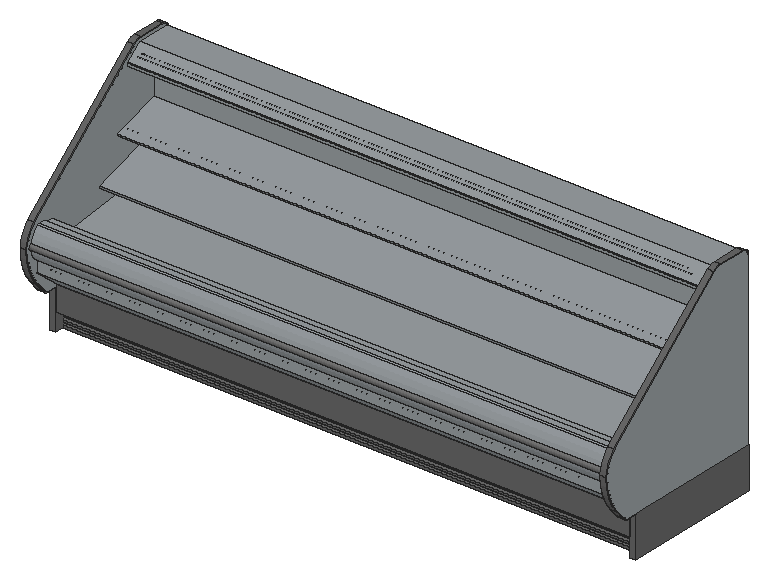
Revit family "O3UM-NRG", category Mechanical Equipment, Revit 2019
Family settings
  Round Connector Dimension = Use Radius
  Part Type = Normal
  OmniClass Number = 23.40.40.11.17
  OmniClass Title = Refrigerated Cases
  Work Plane-Based = Yes
  Always vertical = Yes
  Cut with Voids When Loaded = No
  Shared = No
  Room Calculation Point = No
Parameters (values of type "12'")
  Width = 43 1/4"  # constant formula
  URL = "http://www.hillphoenix.com/?s=o3um"
  TOP REFRIGERATION PIPING = yes
  TOP ELECTRICAL = yes
  Standard Power Watts = 11.9 W
  Standard Power Amps = 0.1 A
  Shelf distance = 48"
  Refgn = 28 5/8"
  RT STD END [instance] = yes
  RIGHT WEDGE OS 90 END [instance] = no
  RIGHT WEDGE OS 90 [instance] = no
  REFRIGERATION PIPING = COPPER PIPE
  RUBBER BUMPER [instance] = BLACK
  REAR REFRIGERATION PIPING = yes
  PAINTED METAL UPPER SHELF = PAINTED SHELVES
  PAINTED METAL INTERIOR [instance] = GALVANIZED STEEL
  PAINTED METAL EXTERIOR [instance] = CHARCOAL BROWN
  Number of Shelf = 3
  Model = "O3UM-NRG"  # constant formula
  Manufacturer = "HILL PHOENIX"  # constant formula
  Lights Per Row = 0
  Light Length = ""
  Length = 144"
  Legend Number = Model  # "O3UM-NRG"
  LF STD END [instance] = yes
  LEFT WEDGE OS 90 END [instance] = no
  LEFT WEDGE OS 90 [instance] = no
  Keynote = ""  # constant formula
  Item Description = Description  # "Multi-Deck Merchandiser with Synerg-E™"
  Island Timed-Off Termination Temp (°F) = 42 °F  # constant formula
  Island Timed-Off Fail-Safe (Min) = "30 (Min)"  # constant formula
  Island Superheat @ Bulb Set Point (°F) = "6-8 °F"  # constant formula
  Island High Efficiency Fans Watts = 11 W
  Island High Efficiency Fans Amps = 0.16 A
  Island Front Sill Height = "All"
  Island Fans Per Case = 1
  Island Evaporator (°F) = 28 °F
  Island Discharge Air(°F) = 31 °F
  Island Discharge Air Velocity (FPM) = 180 FPM  # constant formula
  Island BTUH Parallel = 810
  Island BTUH Conventional = 926
  Island Application = "Dairy / Deli / Produce"
  Island  Case Length = 96"
  How Many Defrosts Per Day = 6  # constant formula
  High Power (Cornice) Watts = 21.5 W
  High Power (Cornice) Amps = 0.18 A
  Height = 48"  # constant formula
  GLASS = Glass
  Ends = yes
  EQUIPMENT MARK = Legend Number  # "O3UM-NRG"
  EQUIPMENT DESCRIPTION = Item Description  # "Multi-Deck Merchandiser with Synerg-E™"
  Description = "Multi-Deck Merchandiser with Synerg-E™"  # constant formula
  Default Elevation = 48"
  DRAIN PIPING = yes
  DESIGNERS NAME = "SHIDDRAMESH"  # constant formula
  DATE = "03/30/2016"  # constant formula
  Certifications = "NSF 7, UL471, CSA"  # constant formula
  DRAIN LINE = 72"
  MAIN CASE [instance] = yes
  BOTTOM REFRIGERATION PIPING = yes
  BOTTOM ELECTRICAL = yes
  BASE [instance] = BLACK PAINTED METAL
  Assembly Code = ""
  18" Shelf = yes
  12" Shelf = yes
Reference planes (in)
  plane 1: z = 0.01963
  plane 2 "LEFT": x = 0
  plane 3 "CASE RIGHT": x = 144
  plane 4: z = 0
  plane 5: y = -15.80744
  plane 6: z = 48
  plane 7: x = 145.5
  plane 8: x = 142.25
  plane 9: y = -59.05744
  plane 10: y = -7.64728
  plane 11: z = 22.875
  plane 12: z = 46.99677
  plane 13: through (-240, -28.18244, 50.1732) normal (0, 0.7071, 0.7071)
  plane 14: y = -24.36994
Forms (in)
  Extrusion 1, solid, material "BLACK PAINTED METAL" <- "BASE", visible <- "MAIN CASE"
    sketch origin (0, -0.02734, -0.00391) x (0, 1, 0) y (0, 0, 1)
      loop
        line (-15.80744, 0) -> (-15.80744, 11.00391) -> (-47.5301, 11.00391) -> (-47.5301, 0) -> (-45.69085, 0) -> (-45.69085, 2.94807) -> (-17.58744, 2.94807) -> (-17.58744, 0) -> (-15.80744, 0)
    from 0 to 144
  Extrusion 2, solid, material "CHARCOAL BROWN" <- "PAINTED METAL EXTERIOR", visible <- "MAIN CASE"
    sketch origin (0, 0, 5.875) x (0, 1, 0) y (0, 0, 1)
      loop
        line (-17.80744, 46.29713) -> (-17.80744, 13.8096)
        arc (-17.80744, 13.8096) -> (-19.66972, 9.97927) -> (-23.598, 8.33364) r 6.03269
        line (-23.598, 8.33364) -> (-41.10205, 7.70434) -> (-43.19307, 6.18536) -> (-45.82363, 6.18536) -> (-48.10885, 7.45214)
        arc (-48.10885, 7.45214) -> (-52.38279, 9.03493) -> (-54.31151, 13.16433) r 6
        line (-54.31151, 13.16433) -> (-54.31151, 15.37312) -> (-56.31972, 15.37312) -> (-56.31972, 10.07189) -> (-50.42424, 5.125) -> (-15.80744, 5.125) -> (-15.80744, 46.29713) -> (-17.80744, 46.29713)
    from 0 to 144
  Extrusion 3, solid, material "GALVANIZED STEEL" <- "PAINTED METAL INTERIOR", visible <- "MAIN CASE"
    sketch origin (0, 0, 5.875) x (0, 1, 0) y (0, 0, 1)
      loop
        arc (-19.82193, 18.53519) -> (-19.97069, 18.17606) -> (-20.32982, 18.0273) r 0.50789
        line (-20.32982, 18.0273) -> (-23.58275, 17.79983) -> (-23.59709, 18.00487) -> (-50.89707, 14.73431) -> (-51.11131, 14.65787) -> (-52.07193, 14.65787) -> (-52.07193, 20.48987) -> (-54.31151, 20.48987) -> (-54.31151, 13.16433)
        arc (-54.31151, 13.16433) -> (-52.37575, 9.02845) -> (-48.08972, 7.45284) r 6
        line (-48.08972, 7.45284) -> (-45.80324, 6.18536) -> (-43.17269, 6.18536) -> (-41.08167, 7.70434) -> (-23.59774, 8.33365)
        arc (-23.59774, 8.33365) -> (-19.66963, 9.97936) -> (-17.80744, 13.8096) r 6.03269
        line (-17.80744, 13.8096) -> (-17.80744, 16.37177) -> (-19.82193, 16.37177) -> (-19.82193, 18.53519)
    from 0 to 144
  Extrusion 4, solid, material "GALVANIZED STEEL" <- "PAINTED METAL INTERIOR", visible <- "MAIN CASE"
    sketch origin (0, 0, 5.875) x (0, 1, 0) y (0, 0, 1)
      loop
        line (-17.80744, 45.00917) -> (-19.82193, 45.00917) -> (-19.82193, 16.37177) -> (-17.80744, 16.37177) -> (-17.80744, 45.00917)
    from 0 to 144
  Extrusion 5, solid, material "CHARCOAL BROWN" <- "PAINTED METAL EXTERIOR", visible <- "MAIN CASE"
    sketch origin (96, 0, 5.875) x (1, 0, 0) y (0, 1, 0)
      loop
        line (46.25, -15.80744) -> (46.25, -12.80744) -> (34.2573, -12.80744) -> (34.2573, -15.80744) -> (34.41414, -15.80744) -> (34.41414, -12.93244) -> (46.0073, -12.93244) -> (46.0073, -15.80744) -> (46.25, -15.80744)
    from 7.2158 to 43.67007
  Extrusion 6, solid, material "BLACK PAINTED METAL" <- "BASE", visible <- "MAIN CASE"
    sketch origin (0, -10.38723, -0.05412) x (0, 1, 0) y (0, 0, 1)
      loop
        line (-37.17021, 0.05412) -> (-37.17021, 11.05412) -> (-40.03701, 11.05412) -> (-40.03701, 4.6362) -> (-37.68074, 4.6362)
        arc (-37.68074, 4.6362) -> (-37.83221, 4.53751) -> (-38.0108, 4.50939) r 0.43232
        line (-38.0108, 4.50939) -> (-38.0108, 4.00939) -> (-37.9323, 4.00939) -> (-37.51351, 4.08936) -> (-37.65088, 3.65476)
        arc (-37.65088, 3.65476) -> (-37.78692, 3.42905) -> (-38.0108, 3.29) r 0.56287
        line (-38.0108, 3.29) -> (-38.0108, 2.79) -> (-37.9323, 2.79) -> (-37.51351, 2.87496) -> (-37.65088, 2.43538)
        arc (-37.65088, 2.43538) -> (-37.78661, 2.20936) -> (-38.0108, 2.07063) r 0.55931
        line (-38.0108, 2.07063) -> (-38.0108, 1.57063) -> (-37.9323, 1.57063) -> (-37.51351, 1.65558) -> (-37.58561, 1.20836)
        arc (-37.58561, 1.20836) -> (-37.71367, 1.00832) -> (-37.92021, 0.89104) r 0.49462
        line (-37.92021, 0.89104) -> (-37.92021, 0.05412) -> (-37.17021, 0.05412)
    from 0 to 144
  Extrusion 7, solid, material "CHARCOAL BROWN" <- "PAINTED METAL EXTERIOR", visible <- "MAIN CASE"
    sketch origin (0, -14.13723, 5.69588) x (0, 1, 0) y (0, 0, 1)
      loop
        line (-40.17428, 15.55224) -> (-40.17428, 20.66898) -> (-40.08842, 20.66898) -> (-40.08842, 21.30412) -> (-41.88342, 21.30412)
        arc (-41.88342, 21.30412) -> (-42.11934, 21.24969) -> (-42.32244, 21.1179) r 0.69761
        arc (-42.32244, 21.1179) -> (-43.67325, 19.42434) -> (-44.44614, 17.4006) r 7.05071
        arc (-44.44614, 17.4006) -> (-44.16727, 15.47655) -> (-43.17985, 13.80182) r 5.032
        line (-43.17985, 13.80182) -> (-42.18248, 13.80182) -> (-42.18248, 15.55224) -> (-40.17428, 15.55224)
    from 0 to 144
  Extrusion 8, solid, material "BLACK" <- "RUBBER BUMPER", visible <- "MAIN CASE"
    sketch origin (0, -14.13723, 5.82088) x (0, 1, 0) y (0, 0, 1)
      loop
        arc (-44.3284, 17.7465) -> (-44.92949, 17.09539) -> (-44.41103, 16.37675) r 0.70013
        arc (-44.41103, 16.37675) -> (-44.44871, 16.82539) -> (-44.44614, 17.2756) r 5.032
        arc (-44.44614, 17.2756) -> (-44.39132, 17.51207) -> (-44.3284, 17.7465) r 7.05071
    from 0 to 144
  Extrusion 9, solid, material "GALVANIZED STEEL" <- "PAINTED METAL INTERIOR", visible <- "MAIN CASE"
    sketch origin (0, 0, 21.22288) x (0, 1, 0) y (0, 0, 1)
      loop
        line (-19.82193, 11.03015) -> (-37.03542, 5.76746) -> (-36.87169, 5.23193) -> (-30.92951, 7.04863) -> (-30.83385, 6.93623) -> (-23.44344, 8.22012)
        arc (-23.44344, 8.22012) -> (-22.75154, 8.24304) -> (-22.07989, 8.07532) r 2.5
        line (-22.07989, 8.07532) -> (-21.24148, 7.73695)
        arc (-21.24148, 7.73695) -> (-20.90216, 7.66489) -> (-20.55864, 7.71308) r 1
        line (-20.55864, 7.71308) -> (-19.82193, 7.95208) -> (-19.82193, 11.03015)
    from 0 to 144
  Extrusion 10, solid, material "GALVANIZED STEEL" <- "PAINTED METAL INTERIOR", visible <- "MAIN CASE"
    sketch origin (0, 0, 4.875) x (0, 1, 0) y (0, 0, 1)
      loop
        line (-19.82193, 31.84444) -> (-19.82193, 34.92348) -> (-31.29759, 31.41502) -> (-31.13386, 30.87949) -> (-28.91038, 31.55928) -> (-28.81473, 31.44688) -> (-23.39078, 32.12956)
        arc (-23.39078, 32.12956) -> (-22.69889, 32.15247) -> (-22.02724, 31.98476) r 2.5
        line (-22.02724, 31.98476) -> (-21.18883, 31.64639)
        arc (-21.18883, 31.64639) -> (-20.84951, 31.57432) -> (-20.50599, 31.62252) r 1
        line (-20.50599, 31.62252) -> (-19.82193, 31.84444)
    from 0 to 144
  Extrusion 11, solid, visible <- "MAIN CASE"
    sketch origin (0, -9.0638, 9.86783) x (0, 1, 0) y (0, 0, 1)
      loop
        circle (-14.04788, 41.33455) r 0.5625
      loop
        circle (-15.51988, 41.33455) r 0.5625
    from 0 to 144
  Extrusion 12, solid, material "GALVANIZED STEEL" <- "PAINTED METAL INTERIOR", visible <- "MAIN CASE"
    sketch origin (0, -5.33418, 8.4978) x (0, 1, 0) y (0, 0, 1)
      loop
        line (-15.1421, 42.53616) -> (-16.03819, 42.41717)
        arc (-16.03819, 42.41717) -> (-16.05872, 42.40528) -> (-16.06484, 42.38236) r 0.031
        line (-16.06484, 42.38236) -> (-16.02437, 42.07759) -> (-15.55467, 38.73549) -> (-15.51552, 38.45693) -> (-14.58714, 38.5874) -> (-15.1421, 42.53616)
    from 0 to 144
  Extrusion 13, solid, material "CHARCOAL BROWN" <- "PAINTED METAL EXTERIOR", visible <- "MAIN CASE"
    sketch origin (0, -0.0013, 6.05463) x (0, 1, 0) y (0, 0, 1)
      loop
        line (-15.80744, 46.1175) -> (-15.80744, 47.94537) -> (-24.36994, 47.94537) -> (-28.15779, 44.88679) -> (-28.18114, 44.83782) -> (-28.18114, 44.11857) -> (-27.5874, 44.11857) -> (-27.5874, 44.19463) -> (-27.13478, 44.19463) -> (-27.09675, 44.20822) -> (-25.33935, 45.64822) -> (-25.31738, 45.69463) -> (-25.31738, 46.13263) -> (-25.28438, 46.16563) -> (-21.0809, 46.16563) -> (-20.13326, 45.03628) -> (-19.94451, 45.09458) -> (-19.86265, 44.82954) -> (-17.80614, 44.82954) -> (-17.80614, 46.1175) -> (-15.80744, 46.1175)
    from 0 to 144
  Extrusion 14, solid, material "CHARCOAL BROWN" <- "PAINTED METAL EXTERIOR", visible <- "RT STD END"
    sketch origin (115, 0, 5.875) x (0, 1, 0) y (0, 0, 1)
      loop
        arc (-54.30554, 5.30373) -> (-53.53283, 4.71081) -> (-52.58194, 4.5) r 2.25
        line (-52.58194, 4.5) -> (-15.43244, 4.5) -> (-15.43244, 47.1826)
        arc (-15.43244, 47.1826) -> (-15.87178, 48.24326) -> (-16.93244, 48.6826) r 1.5
        line (-16.93244, 48.6826) -> (-23.8417, 48.6826)
        arc (-23.8417, 48.6826) -> (-24.86679, 48.50203) -> (-25.76848, 47.98206) r 3
        line (-25.76848, 47.98206) -> (-57.08746, 21.73907)
        arc (-57.08746, 21.73907) -> (-58.83611, 19.48909) -> (-59.50048, 16.71803) r 6.75
        arc (-59.50048, 16.71803) -> (-58.74122, 11.9391) -> (-56.34554, 7.73491) r 13.5
        line (-56.34554, 7.73491) -> (-54.30554, 5.30373)
    from 30.5 to 29
  Extrusion 15, solid, material "BLACK PAINTED METAL" <- "BASE", visible <- "RT STD END"
    sketch origin (115, 0, 5.875) x (0, 1, 0) y (0, 0, 1)
      loop
        line (-54.28551, 5.31147) -> (-56.34554, 7.73491)
        arc (-56.34554, 7.73491) -> (-58.74122, 11.9391) -> (-59.50048, 16.71803) r 13.5
        arc (-59.50048, 16.71803) -> (-58.83611, 19.48909) -> (-57.08746, 21.73907) r 6.75
        line (-57.08746, 21.73907) -> (-25.76848, 47.98206)
        arc (-25.76848, 47.98206) -> (-24.86679, 48.50203) -> (-23.8417, 48.6826) r 3
        line (-23.8417, 48.6826) -> (-16.93244, 48.6826)
        arc (-16.93244, 48.6826) -> (-15.87178, 48.24326) -> (-15.43244, 47.1826) r 1.5
        line (-15.43244, 47.1826) -> (-15.43244, 4.5) -> (-15.18244, 4.5) -> (-15.18244, 47.1826)
        arc (-15.18244, 47.1826) -> (-15.695, 48.42004) -> (-16.93244, 48.9326) r 1.75
        line (-16.93244, 48.9326) -> (-23.8417, 48.9326)
        arc (-23.8417, 48.9326) -> (-24.95221, 48.73698) -> (-25.92904, 48.17368) r 3.25
        line (-25.92904, 48.17368) -> (-57.24803, 21.93069)
        arc (-57.24803, 21.93069) -> (-59.06144, 19.59738) -> (-59.75042, 16.72368) r 7
        arc (-59.75042, 16.72368) -> (-58.9771, 11.85626) -> (-56.53705, 7.57421) r 13.75
        line (-56.53705, 7.57421) -> (-54.47484, 5.1512)
        arc (-54.47484, 5.1512) -> (-53.61222, 4.48599) -> (-52.54892, 4.24937) r 2.50738
        line (-52.54892, 4.24937) -> (-50.42239, 4.24937) -> (-50.42239, 4.50019) -> (-52.5527, 4.50019)
        arc (-52.5527, 4.50019) -> (-53.50936, 4.71305) -> (-54.28551, 5.31147) r 2.25619
    from 30.5 to 29
  Extrusion 16, solid, material "BLACK PAINTED METAL" <- "BASE", visible <- "RT STD END"
    sketch origin (115, 0, 0) x (0, 1, 0) y (0, 0, 1)
      loop
        line (-50.42424, 10.375) -> (-50.42424, 0) -> (-15.18244, 0) -> (-15.18244, 10.375) -> (-50.42424, 10.375)
    from 30.5 to 29
  Extrusion 17, solid, visible <- "MAIN CASE"
    sketch origin (0, 0, 5.875) x (0, 1, 0) y (0, 0, 1)
      loop
        line (-19.87444, 44.91816) -> (-20.25663, 44.80012) -> (-20.36557, 45.15282)
        arc (-20.36557, 45.15282) -> (-20.39137, 45.18674) -> (-20.43297, 45.19599) r 0.062
        line (-20.43297, 45.19599) -> (-21.37645, 45.0707)
        arc (-21.37645, 45.0707) -> (-21.41752, 45.04693) -> (-21.42975, 45.00108) r 0.062
        line (-21.42975, 45.00108) -> (-21.38947, 44.69774) -> (-21.35874, 44.70183) -> (-21.39902, 45.00516)
        arc (-21.39902, 45.00516) -> (-21.3929, 45.02809) -> (-21.37237, 45.03997) r 0.031
        line (-21.37237, 45.03997) -> (-20.47628, 45.15896) -> (-19.92132, 41.2102) -> (-20.8497, 41.07973) -> (-20.88884, 41.35829) -> (-20.91974, 41.35395) -> (-20.88491, 41.10608)
        arc (-20.88491, 41.10608) -> (-20.862, 41.06604) -> (-20.8178, 41.05279) r 0.0622
        line (-20.8178, 41.05279) -> (-19.82193, 41.19266) -> (-19.82193, 44.88417) -> (-19.86394, 44.88417) -> (-19.87444, 44.91816)
    from 0 to 144
  Extrusion 18, solid, material "CHARCOAL BROWN" <- "PAINTED METAL EXTERIOR", visible <- "LF STD END"
    sketch origin (17.5, 0, 5.875) x (0, 1, 0) y (0, 0, 1)
      loop
        arc (-54.30554, 5.30373) -> (-53.53283, 4.71081) -> (-52.58194, 4.5) r 2.25
        line (-52.58194, 4.5) -> (-15.43244, 4.5) -> (-15.43244, 47.1826)
        arc (-15.43244, 47.1826) -> (-15.87178, 48.24326) -> (-16.93244, 48.6826) r 1.5
        line (-16.93244, 48.6826) -> (-23.8417, 48.6826)
        arc (-23.8417, 48.6826) -> (-24.86679, 48.50203) -> (-25.76848, 47.98206) r 3
        line (-25.76848, 47.98206) -> (-57.08746, 21.73907)
        arc (-57.08746, 21.73907) -> (-58.83611, 19.48909) -> (-59.50048, 16.71803) r 6.75
        arc (-59.50048, 16.71803) -> (-58.74122, 11.9391) -> (-56.34554, 7.73491) r 13.5
        line (-56.34554, 7.73491) -> (-54.30554, 5.30373)
    from -17.5 to -19
  Extrusion 19, solid, material "BLACK PAINTED METAL" <- "BASE", visible <- "LF STD END"
    sketch origin (17.5, 0, 5.875) x (0, 1, 0) y (0, 0, 1)
      loop
        line (-54.30554, 5.30373) -> (-56.34554, 7.73491)
        arc (-56.34554, 7.73491) -> (-58.74122, 11.9391) -> (-59.50048, 16.71803) r 13.5
        arc (-59.50048, 16.71803) -> (-58.83611, 19.48909) -> (-57.08746, 21.73907) r 6.75
        line (-57.08746, 21.73907) -> (-25.76848, 47.98206)
        arc (-25.76848, 47.98206) -> (-24.86679, 48.50203) -> (-23.8417, 48.6826) r 3
        line (-23.8417, 48.6826) -> (-16.93244, 48.6826)
        arc (-16.93244, 48.6826) -> (-15.87178, 48.24326) -> (-15.43244, 47.1826) r 1.5
        line (-15.43244, 47.1826) -> (-15.43244, 4.5) -> (-15.18244, 4.5) -> (-15.18244, 47.1826)
        arc (-15.18244, 47.1826) -> (-15.695, 48.42004) -> (-16.93244, 48.9326) r 1.75
        line (-16.93244, 48.9326) -> (-23.8417, 48.9326)
        arc (-23.8417, 48.9326) -> (-24.95221, 48.73698) -> (-25.92904, 48.17368) r 3.25
        line (-25.92904, 48.17368) -> (-57.24803, 21.93069)
        arc (-57.24803, 21.93069) -> (-59.06144, 19.59738) -> (-59.75042, 16.72368) r 7
        arc (-59.75042, 16.72368) -> (-58.9771, 11.85626) -> (-56.53705, 7.57421) r 13.75
        line (-56.53705, 7.57421) -> (-54.49705, 5.14303)
        arc (-54.49705, 5.14303) -> (-53.63848, 4.48423) -> (-52.58194, 4.25) r 2.5
        line (-52.58194, 4.25) -> (-50.42424, 4.25) -> (-50.42424, 4.5) -> (-52.58194, 4.5)
        arc (-52.58194, 4.5) -> (-53.53283, 4.71081) -> (-54.30554, 5.30373) r 2.25
    from -17.5 to -19
  Extrusion 20, solid, material "BLACK PAINTED METAL" <- "BASE", visible <- "LF STD END"
    sketch origin (17.5, 0, 0) x (0, 1, 0) y (0, 0, 1)
      loop
        line (-50.42424, 10.375) -> (-50.42424, 0) -> (-15.18244, 0) -> (-15.18244, 10.375) -> (-50.42424, 10.375)
    from -17.5 to -19
  Revolve 21, solid, material "BLACK PAINTED METAL" <- "BASE", visible <- "RIGHT WEDGE OS 90", not visible
    sketch origin (72, 0, 0) x (0, 1, 0) y (0, 0, -1)
      loop
        line (-17.61478, -2.94417) -> (-45.71818, -2.94417) -> (-45.71818, 0.00391) -> (-47.66303, 0.00391) -> (-47.66303, -11) -> (-15.83478, -11) -> (-15.83478, 0.00391) -> (-17.61478, 0.00391) -> (-17.61478, -2.94417)
      axis (-7.64728, 0.00391) -> (-7.64728, -11)
    angle from 0 to 90
  Revolve 22, solid, material "BLACK PAINTED METAL" <- "BASE", visible <- "RIGHT WEDGE OS 90", not visible
    sketch origin (72, 0, 0) x (0, 1, 0) y (0, 0, -1)
      loop
        arc (-48.57424, -0.78364) -> (-48.24208, -0.88192) -> (-48.03811, -1.16189) r 0.5396
        line (-48.03811, -1.16189) -> (-47.90074, -1.60146) -> (-48.31953, -1.51651) -> (-48.39803, -1.51651) -> (-48.39803, -2.01651)
        arc (-48.39803, -2.01651) -> (-48.17384, -2.15524) -> (-48.03811, -2.38126) r 0.55931
        line (-48.03811, -2.38126) -> (-47.90074, -2.82084) -> (-48.31953, -2.73589) -> (-48.39803, -2.73589) -> (-48.39803, -3.23589)
        arc (-48.39803, -3.23589) -> (-48.17415, -3.37493) -> (-48.03811, -3.60064) r 0.56287
        line (-48.03811, -3.60064) -> (-47.90074, -4.03524) -> (-48.31953, -3.95527) -> (-48.39803, -3.95527) -> (-48.39803, -4.45527)
        arc (-48.39803, -4.45527) -> (-48.21944, -4.48339) -> (-48.06797, -4.58208) r 0.43232
        line (-48.06797, -4.58208) -> (-50.42424, -4.58208) -> (-50.42424, -11) -> (-47.66303, -11) -> (-47.66303, 0) -> (-48.57424, 0) -> (-48.57424, -0.78364)
      axis (-7.64728, 0) -> (-7.64728, -11)
    angle from 0 to 90
  Revolve 23, solid, material "CHARCOAL BROWN" <- "PAINTED METAL EXTERIOR", visible <- "RIGHT WEDGE OS 90", not visible
    sketch origin (72, 0, 0) x (0, 1, 0) y (0, 0, -1)
      loop
        line (-56.31972, -15.94689) -> (-56.31972, -21.24812) -> (-54.31151, -21.24812) -> (-54.31151, -19.03933)
        arc (-54.31151, -19.03933) -> (-52.37575, -14.90345) -> (-48.08972, -13.32784) r 6
        line (-48.08972, -13.32784) -> (-45.80324, -12.06036) -> (-43.17269, -12.06036) -> (-41.08167, -13.57934) -> (-23.59774, -14.20865)
        arc (-23.59774, -14.20865) -> (-19.66963, -15.85436) -> (-17.80744, -19.6846) r 6.03269
        line (-17.80744, -19.6846) -> (-17.80744, -22.24677) -> (-17.80744, -50.88417) -> (-17.80744, -52.17213) -> (-15.83478, -52.17213) -> (-15.83478, -11) -> (-50.42424, -11) -> (-56.31972, -15.94689)
      axis (-7.64728, -11) -> (-7.64728, -52.17213)
    angle from 0 to 90
  Revolve 24, solid, material "CHARCOAL BROWN" <- "PAINTED METAL EXTERIOR", visible <- "RIGHT WEDGE OS 90", not visible
    sketch origin (72, 0, 0) x (0, 1, 0) y (0, 0, -1)
      loop
        arc (-57.31708, -19.4977) -> (-58.3045, -21.17244) -> (-58.58337, -23.09649) r 5.032
        arc (-58.58337, -23.09649) -> (-57.81048, -25.12022) -> (-56.45967, -26.81378) r 7.05071
        arc (-56.45967, -26.81378) -> (-56.25657, -26.94557) -> (-56.02065, -27) r 0.69761
        line (-56.02065, -27) -> (-54.22565, -27) -> (-54.22565, -26.36487) -> (-54.31151, -26.36487) -> (-54.31151, -21.24812) -> (-56.31972, -21.24812) -> (-56.31972, -19.4977) -> (-57.31708, -19.4977)
      axis (-7.64728, -19.4977) -> (-7.64728, -27)
    angle from 0 to 90
  Revolve 25, solid, material "BLACK" <- "RUBBER BUMPER", visible <- "RIGHT WEDGE OS 90", not visible
    sketch origin (72, 0, 0) x (0, 1, 0) y (0, 0, -1)
      loop
        arc (-58.46563, -23.56738) -> (-58.52855, -23.33295) -> (-58.58337, -23.09649) r 7.05071
        arc (-58.58337, -23.09649) -> (-58.58594, -22.64627) -> (-58.54826, -22.19763) r 5.032
        arc (-58.54826, -22.19763) -> (-59.06672, -22.91628) -> (-58.46563, -23.56738) r 0.70013
      axis (-7.64728, -22.19763) -> (-7.64728, -23.56738)
    angle from 0 to 90
  Revolve 26, solid, material "GALVANIZED STEEL" <- "PAINTED METAL INTERIOR", visible <- "RIGHT WEDGE OS 90", not visible
    sketch origin (72, 0, 0) x (0, 1, 0) y (0, 0, -1)
      loop
        line (-19.82193, -50.88417) -> (-17.80744, -50.88417) -> (-17.80744, -22.24677) -> (-19.82193, -22.24677) -> (-19.82193, -50.88417)
      axis (-7.64728, -22.24677) -> (-7.64728, -50.88417)
    angle from 0 to 90
  Revolve 27, solid, material "GALVANIZED STEEL" <- "PAINTED METAL INTERIOR", visible <- "RIGHT WEDGE OS 90", not visible
    sketch origin (72, 0, 0) x (0, 1, 0) y (0, 0, -1)
      loop
        arc (-20.55864, -28.93596) -> (-20.90216, -28.88777) -> (-21.24148, -28.95984) r 1
        line (-21.24148, -28.95984) -> (-22.07989, -29.29821)
        arc (-22.07989, -29.29821) -> (-22.75154, -29.46592) -> (-23.44344, -29.44301) r 2.5
        line (-23.44344, -29.44301) -> (-30.83385, -28.15912) -> (-30.92951, -28.27152) -> (-36.87169, -26.45481) -> (-37.03542, -26.99034) -> (-19.82193, -32.25303) -> (-19.82193, -29.17497) -> (-20.55864, -28.93596)
      loop
        arc (-20.50599, -36.49752) -> (-20.84951, -36.44932) -> (-21.18883, -36.52139) r 1
        line (-21.18883, -36.52139) -> (-22.02724, -36.85976)
        arc (-22.02724, -36.85976) -> (-22.69889, -37.02747) -> (-23.39078, -37.00456) r 2.5
        line (-23.39078, -37.00456) -> (-28.81473, -36.32188) -> (-28.91038, -36.43428) -> (-31.13386, -35.75449) -> (-31.29759, -36.29002) -> (-19.82193, -39.79848) -> (-19.82193, -36.71944) -> (-20.50599, -36.49752)
      axis (-7.64728, -26.45481) -> (-7.64728, -39.79848)
    angle from 0 to 90
  Revolve 28, solid, visible <- "RIGHT WEDGE OS 90", not visible
    sketch origin (72, 0, 0) x (0, 1, 0) y (0, 0, -1)
      loop
        line (-19.82193, -50.75917) -> (-19.82193, -47.06766) -> (-20.8178, -46.92779)
        arc (-20.8178, -46.92779) -> (-20.862, -46.94104) -> (-20.88491, -46.98108) r 0.0622
        line (-20.88491, -46.98108) -> (-20.91974, -47.22895) -> (-20.88884, -47.23329) -> (-20.8497, -46.95473) -> (-19.92132, -47.0852) -> (-20.47628, -51.03396) -> (-21.37237, -50.91497)
        arc (-21.37237, -50.91497) -> (-21.3929, -50.90309) -> (-21.39902, -50.88016) r 0.031
        line (-21.39902, -50.88016) -> (-21.35874, -50.57683) -> (-21.38947, -50.57274) -> (-21.42975, -50.87608)
        arc (-21.42975, -50.87608) -> (-21.41752, -50.92193) -> (-21.37645, -50.9457) r 0.062
        line (-21.37645, -50.9457) -> (-20.43297, -51.07099)
        arc (-20.43297, -51.07099) -> (-20.39137, -51.06174) -> (-20.36557, -51.02782) r 0.062
        line (-20.36557, -51.02782) -> (-20.25663, -50.67512) -> (-19.87444, -50.79316) -> (-19.86394, -50.75917) -> (-19.82193, -50.75917)
      axis (-7.64728, -46.92779) -> (-7.64728, -51.07099)
    angle from 0 to 90
  Revolve 29, solid, visible <- "RIGHT WEDGE OS 90", not visible
    sketch origin (72, 0, 0) x (0, 1, 0) y (0, 0, -1)
      loop
        line (-21.35855, -50.5754) -> (-21.39902, -50.88016)
        arc (-21.39902, -50.88016) -> (-21.3929, -50.90309) -> (-21.37237, -50.91497) r 0.031
        line (-21.37237, -50.91497) -> (-20.47628, -51.03396) -> (-19.92132, -47.0852) -> (-20.8497, -46.95473) -> (-20.88884, -47.23329) -> (-21.35855, -50.5754)
      axis (-7.64728, -46.95473) -> (-7.64728, -51.03396)
    angle from 0 to 90
  Revolve 30, solid, material "CHARCOAL BROWN" <- "PAINTED METAL EXTERIOR", visible <- "RIGHT WEDGE OS 90", not visible
    sketch origin (72, 0, 0) x (0, 1, 0) y (0, 0, -1)
      loop
        line (-15.80874, -52.17213) -> (-17.80744, -52.17213) -> (-17.80744, -50.88417) -> (-19.86394, -50.88417) -> (-19.9458, -51.14921) -> (-20.13456, -51.0909) -> (-21.0822, -52.22026) -> (-25.28568, -52.22026) -> (-25.31868, -52.18726) -> (-25.31868, -51.74926) -> (-25.34065, -51.70285) -> (-27.09805, -50.26285) -> (-27.13607, -50.24926) -> (-27.5887, -50.24926) -> (-27.5887, -50.1732) -> (-28.18244, -50.1732) -> (-28.18244, -50.9225) -> (-24.38205, -54) -> (-15.80874, -54) -> (-15.80874, -52.17213)
      axis (-7.64728, -50.1732) -> (-7.64728, -54)
    angle from 0 to 90
  Revolve 31, solid, visible <- "RIGHT WEDGE OS 90", not visible
    sketch origin (72, 0, 0) x (0, 1, 0) y (0, 0, -1)
      loop
        circle (-24.58368, -51.20238) r 0.5625
      loop
        circle (-23.11168, -51.20238) r 0.5625
      axis (-7.64728, -51.20238) -> (-7.64728, -51.24175)
    angle from 0 to 90
  Extrusion 32, solid, material "CHARCOAL BROWN" <- "PAINTED METAL EXTERIOR", visible <- "RIGHT WEDGE OS 90 END", not visible
    sketch origin (64.14409, -25.14728, 5.875) x (-1, 0, 0) y (0, 0, -1)
      loop
        line (-54.30554, -5.30373) -> (-56.34554, -7.73491)
        arc (-56.34554, -7.73491) -> (-58.74122, -11.9391) -> (-59.50048, -16.71803) r 13.5
        arc (-59.50048, -16.71803) -> (-58.83611, -19.48909) -> (-57.08746, -21.73907) r 6.75
        line (-57.08746, -21.73907) -> (-25.76848, -47.98206)
        arc (-25.76848, -47.98206) -> (-24.86679, -48.50203) -> (-23.8417, -48.6826) r 3
        line (-23.8417, -48.6826) -> (-16.93244, -48.6826)
        arc (-16.93244, -48.6826) -> (-15.87178, -48.24326) -> (-15.43244, -47.1826) r 1.5
        line (-15.43244, -47.1826) -> (-15.43244, -4.5) -> (-52.58194, -4.5)
        arc (-52.58194, -4.5) -> (-53.53283, -4.71081) -> (-54.30554, -5.30373) r 2.25
    from -17.5 to -19
  Extrusion 33, solid, material "BLACK PAINTED METAL" <- "BASE", visible <- "RIGHT WEDGE OS 90 END", not visible
    sketch origin (64.14409, -25.14728, 5.875) x (-1, 0, 0) y (0, 0, -1)
      loop
        arc (-54.30554, -5.30373) -> (-53.53283, -4.71081) -> (-52.58194, -4.5) r 2.25
        line (-52.58194, -4.5) -> (-50.42424, -4.5) -> (-50.42424, -4.25) -> (-52.58194, -4.25)
        arc (-52.58194, -4.25) -> (-53.63848, -4.48423) -> (-54.49705, -5.14303) r 2.5
        line (-54.49705, -5.14303) -> (-56.53705, -7.57421)
        arc (-56.53705, -7.57421) -> (-58.9771, -11.85626) -> (-59.75042, -16.72368) r 13.75
        arc (-59.75042, -16.72368) -> (-59.06144, -19.59738) -> (-57.24803, -21.93069) r 7
        line (-57.24803, -21.93069) -> (-25.92904, -48.17368)
        arc (-25.92904, -48.17368) -> (-24.95221, -48.73698) -> (-23.8417, -48.9326) r 3.25
        line (-23.8417, -48.9326) -> (-16.93244, -48.9326)
        arc (-16.93244, -48.9326) -> (-15.695, -48.42004) -> (-15.18244, -47.1826) r 1.75
        line (-15.18244, -47.1826) -> (-15.18244, -4.5) -> (-15.43244, -4.5) -> (-15.43244, -47.1826)
        arc (-15.43244, -47.1826) -> (-15.87178, -48.24326) -> (-16.93244, -48.6826) r 1.5
        line (-16.93244, -48.6826) -> (-23.8417, -48.6826)
        arc (-23.8417, -48.6826) -> (-24.86679, -48.50203) -> (-25.76848, -47.98206) r 3
        line (-25.76848, -47.98206) -> (-57.08746, -21.73907)
        arc (-57.08746, -21.73907) -> (-58.83611, -19.48909) -> (-59.50048, -16.71803) r 6.75
        arc (-59.50048, -16.71803) -> (-58.74122, -11.9391) -> (-56.34554, -7.73491) r 13.5
        line (-56.34554, -7.73491) -> (-54.30554, -5.30373)
    from -17.5 to -19
  Extrusion 34, solid, material "BLACK PAINTED METAL" <- "BASE", visible <- "RIGHT WEDGE OS 90 END", not visible
    sketch origin (64.14409, -25.14728, 0) x (-1, 0, 0) y (0, 0, -1)
      loop
        line (-50.42424, -10.375) -> (-15.18244, -10.375) -> (-15.18244, 0) -> (-50.42424, 0) -> (-50.42424, -10.375)
    from -17.5 to -19
  Revolve 35, solid, visible <- "RIGHT WEDGE OS 90", not visible
    sketch origin (72, 0, 0) x (0, 1, 0) y (0, 0, -1)
      loop
        line (-23.59709, -23.87987) -> (-23.58275, -23.67483) -> (-20.32982, -23.9023)
        arc (-20.32982, -23.9023) -> (-19.97069, -24.05106) -> (-19.82193, -24.41019) r 0.50789
        line (-19.82193, -24.41019) -> (-19.82193, -22.24677) -> (-17.80744, -22.24677) -> (-17.80744, -19.6846)
        arc (-17.80744, -19.6846) -> (-19.66963, -15.85436) -> (-23.59774, -14.20865) r 6.03269
        line (-23.59774, -14.20865) -> (-41.08167, -13.57934) -> (-43.17269, -12.06036) -> (-45.80324, -12.06036) -> (-48.08972, -13.32784)
        arc (-48.08972, -13.32784) -> (-52.37575, -14.90345) -> (-54.31151, -19.03933) r 6
        line (-54.31151, -19.03933) -> (-54.31151, -26.36487) -> (-52.07193, -26.36487) -> (-52.07193, -20.53287) -> (-51.11131, -20.53287) -> (-50.89707, -20.60931) -> (-23.59709, -23.87987)
      axis (-7.64728, -12.06036) -> (-7.64728, -26.36487)
    angle from 0 to 90
  Extrusion 36, solid, material "CHARCOAL BROWN" <- "PAINTED METAL EXTERIOR", visible <- "MAIN CASE", not visible
    sketch origin (0, 0, 5.875) x (1, 0, 0) y (0, 1, 0)
      loop
        line (46.25, -15.80744) -> (46.25, -12.80744) -> (34.2573, -12.80744) -> (34.2573, -15.80744) -> (34.41414, -15.80744) -> (34.41414, -12.93244) -> (46.0073, -12.93244) -> (46.0073, -15.80744) -> (46.25, -15.80744)
    from 7.2158 to 43.67007
Dimensions and locks (in)
  "Length": plane 2 "LEFT" to plane 3 "CASE RIGHT"
  Extrusion 13 to level = 54"
  locked: plane 3 "CASE RIGHT" to plane 7 at 1.5
  "Width": plane 5 to plane 9
  Extrusion 20 to Extrusion 7 = 27"
  locked: plane 8 to plane 3 "CASE RIGHT" at 1.75
  plane 11 to level = 22 7/8"
  Extrusion 20 to Extrusion 2 = 11"
  Extrusion 4 to plane 12 = 24 3/4"
  Extrusion 4 to Extrusion 3 = 32 1/4"
  Extrusion 10 to Extrusion 10 = 12"
  Extrusion 9 to Extrusion 9 = 18"
  plane 13 to Extrusion 3 = 33.72746"
  plane 5 to plane 14 = 8 9/16"
  Extrusion 1 to Extrusion 6 = 32 121/256"
  Extrusion 1 to Extrusion 6 = 31 185/256"
  aligned and locked: plane 3 "CASE RIGHT" to Extrusion 4
  aligned and locked: plane 3 "CASE RIGHT" to Extrusion 3
  aligned and locked: Extrusion 2 to plane 3 "CASE RIGHT"
  aligned and locked: plane 3 "CASE RIGHT" to Extrusion 1
  aligned and locked: Extrusion 8 to Extrusion 6
  aligned and locked: Extrusion 7 to Extrusion 6
  aligned and locked: Extrusion 7 to plane 3 "CASE RIGHT"
  aligned and locked: plane 3 "CASE RIGHT" to Extrusion 9
  aligned and locked: plane 3 "CASE RIGHT" to Extrusion 10
  aligned and locked: plane 3 "CASE RIGHT" to Extrusion 13
  aligned and locked: plane 3 "CASE RIGHT" to Extrusion 12
  aligned and locked: plane 3 "CASE RIGHT" to Extrusion 11
  aligned and locked: Extrusion 15 to plane 3 "CASE RIGHT"
  aligned and locked: Extrusion 15 to plane 7
  aligned and locked: Extrusion 14 to plane 3 "CASE RIGHT"
  aligned and locked: Extrusion 14 to plane 7
  aligned and locked: Extrusion 16 to plane 3 "CASE RIGHT"
  aligned and locked: plane 7 to Extrusion 16
  aligned and locked: plane 3 "CASE RIGHT" to Extrusion 17
  aligned and locked: plane 8 to Extrusion 5
Automatic sketch dimensions
  Extrusion 1 sketch curve to plane 9 = 11 1/2"
  Extrusion 1 sketch curve to Extrusion 1 sketch curve = 1.83925"
  Extrusion 1 sketch curve to level = 1/256"  (x2)
  plane 5 to Extrusion 1 sketch curve = 1.80734"
  plane 5 to Extrusion 1 sketch curve = 7/256"
  plane 1 to Extrusion 1 sketch curve = 2.92454"
  Extrusion 1 sketch curve to Extrusion 1 sketch curve = 8.05583"
  Extrusion 1 sketch curve to Extrusion 1 sketch curve = 0"  (x2)
  Extrusion 2 sketch curve to plane 5 = 0"
  plane 5 to Extrusion 2 sketch curve = 2"
  plane 5 to Extrusion 2 sketch curve = 7.79056"
  Extrusion 2 sketch curve to Extrusion 2 sketch curve = 6.0073"
  Extrusion 2 sketch curve to Extrusion 2 sketch curve = 17.50406"
  Extrusion 2 sketch curve to Extrusion 2 sketch curve = 2.09102"
  Extrusion 2 sketch curve to Extrusion 2 sketch curve = 2.63055"
  Extrusion 2 sketch curve to Extrusion 2 sketch curve = 2.28522"
  Extrusion 2 sketch curve to Extrusion 2 sketch curve = 0.2094"
  Extrusion 2 sketch curve to Extrusion 2 sketch curve = 2.3154"
  Extrusion 2 sketch curve to plane 9 = 4.74592"
  Extrusion 2 sketch curve to plane 9 = 2.73772"
  plane 1 to Extrusion 2 sketch curve = 10.98037"
  Extrusion 2 sketch curve to Extrusion 2 sketch curve = 1.06036"
  Extrusion 2 sketch curve to Extrusion 2 sketch curve = 1.26678"
  Extrusion 2 sketch curve to Extrusion 2 sketch curve = 1.51898"
  Extrusion 2 sketch curve to Extrusion 2 sketch curve = 3.20864"
  Extrusion 2 sketch curve to Extrusion 2 sketch curve = 4.94689"
  Extrusion 2 sketch curve to Extrusion 2 sketch curve = 3.09244"
  Extrusion 2 sketch curve to Extrusion 2 sketch curve = 5.47596"
  Extrusion 2 sketch curve to Extrusion 2 sketch curve = 2.20879"
  plane 6 to Extrusion 2 sketch curve = 4.17213"
  Extrusion 3 sketch curve to plane 9 = 4.74592"
  Extrusion 3 sketch curve to Extrusion 3 sketch curve = 2.23958"
  Extrusion 3 sketch curve to Extrusion 3 sketch curve = 0.96062"
  Extrusion 3 sketch curve to Extrusion 3 sketch curve = 0.21424"
  Extrusion 3 sketch curve to Extrusion 3 sketch curve = 2.57882"
  Extrusion 3 sketch curve to Extrusion 3 sketch curve = 0.22853"
  Extrusion 3 sketch curve to Extrusion 3 sketch curve = 2.28648"
  Extrusion 3 sketch curve to Extrusion 3 sketch curve = 2.63055"
  Extrusion 3 sketch curve to Extrusion 3 sketch curve = 2.09102"
  plane 5 to Extrusion 3 sketch curve = 8.0073"
  Extrusion 3 sketch curve to Extrusion 3 sketch curve = 0.217"
  Extrusion 3 sketch curve to Extrusion 3 sketch curve = 0.21765"
  Extrusion 3 sketch curve to Extrusion 3 sketch curve = 0.01434"
  Extrusion 3 sketch curve to Extrusion 3 sketch curve = 3.25293"
  Extrusion 3 sketch curve to Extrusion 3 sketch curve = 0.50789"
  plane 5 to Extrusion 3 sketch curve = 2"
  plane 1 to Extrusion 3 sketch curve = 12.04073"
  Extrusion 3 sketch curve to Extrusion 3 sketch curve = 1.26748"
  Extrusion 3 sketch curve to Extrusion 3 sketch curve = 1.51898"
  plane 1 to Extrusion 3 sketch curve = 14.18902"
  Extrusion 3 sketch curve to Extrusion 3 sketch curve = 5.71149"
  Extrusion 3 sketch curve to Extrusion 3 sketch curve = 5.47595"
  Extrusion 3 sketch curve to Extrusion 3 sketch curve = 1.20938"
  Extrusion 3 sketch curve to Extrusion 3 sketch curve = 0.07644"
  Extrusion 3 sketch curve to Extrusion 3 sketch curve = 2.56217"
  Extrusion 3 sketch curve to Extrusion 3 sketch curve = 3.4374"
  Extrusion 3 sketch curve to Extrusion 3 sketch curve = 0.20504"
  Extrusion 3 sketch curve to Extrusion 3 sketch curve = 5.832"
  plane 5 to Extrusion 4 sketch curve = 4.01449"
  plane 5 to Extrusion 4 sketch curve = 2"
  plane 1 to Extrusion 4 sketch curve = 22.22714"
  plane 6 to Extrusion 4 sketch curve = 2.88417"
  Extrusion 6 sketch curve to level = 0"
  Extrusion 6 sketch curve to plane 9 = 8.63319"
  Extrusion 6 sketch curve to Extrusion 6 sketch curve = 1.84944"
  Extrusion 6 sketch curve to Extrusion 6 sketch curve = 0.26737"
  Extrusion 6 sketch curve to Extrusion 6 sketch curve = 0.00285"
  Extrusion 6 sketch curve to Extrusion 6 sketch curve = 0.13382"
  Extrusion 6 sketch curve to Extrusion 6 sketch curve = 0.17678"  (x2)
  Extrusion 6 sketch curve to Extrusion 6 sketch curve = 0.04323"
  Extrusion 6 sketch curve to Extrusion 6 sketch curve = 0.02353"
  Extrusion 6 sketch curve to Extrusion 6 sketch curve = 0.0785"  (x3)
  Extrusion 6 sketch curve to Extrusion 6 sketch curve = 0.33006"
  plane 1 to Extrusion 6 sketch curve = 2.36163"
  Extrusion 6 sketch curve to Extrusion 6 sketch curve = 0.28142"  (x2)
  plane 1 to Extrusion 6 sketch curve = 3.58101"
  plane 1 to Extrusion 6 sketch curve = 1.13461"
  Extrusion 6 sketch curve to Extrusion 6 sketch curve = 0.34668"
  plane 1 to Extrusion 6 sketch curve = 2.80121"
  Extrusion 6 sketch curve to Extrusion 6 sketch curve = 0.41879"  (x3)
  plane 1 to Extrusion 6 sketch curve = 1.58183"
  plane 1 to Extrusion 6 sketch curve = 4 1/64"
  Extrusion 6 sketch curve to Extrusion 6 sketch curve = 3/4"
  Extrusion 6 sketch curve to Extrusion 6 sketch curve = 0.31732"
  Extrusion 6 sketch curve to Extrusion 6 sketch curve = 0.20342"
  Extrusion 6 sketch curve to Extrusion 6 sketch curve = 1/2"  (x3)
  Extrusion 6 sketch curve to Extrusion 6 sketch curve = 0.1878"
  Extrusion 6 sketch curve to Extrusion 6 sketch curve = 0.18499"
  Extrusion 6 sketch curve to Extrusion 6 sketch curve = 0.12681"
  Extrusion 6 sketch curve to Extrusion 6 sketch curve = 6.41792"
  Extrusion 7 sketch curve to plane 9 = 1.74036"
  Extrusion 7 sketch curve to Extrusion 7 sketch curve = 0.99736"
  Extrusion 7 sketch curve to plane 9 = 3.03679"
  Extrusion 7 sketch curve to Extrusion 7 sketch curve = 0.03649"
  Extrusion 7 sketch curve to Extrusion 7 sketch curve = 2.0082"
  Extrusion 7 sketch curve to Extrusion 7 sketch curve = 0.08586"
  Extrusion 7 sketch curve to Extrusion 7 sketch curve = 0.75374"
  Extrusion 7 sketch curve to Extrusion 7 sketch curve = 1.86936"
  plane 1 to Extrusion 7 sketch curve = 19.47807"
  Extrusion 7 sketch curve to Extrusion 7 sketch curve = 1.75042"
  Extrusion 7 sketch curve to Extrusion 7 sketch curve = 0.37456"
  Extrusion 7 sketch curve to Extrusion 7 sketch curve = 1.59453"
  Extrusion 7 sketch curve to Extrusion 7 sketch curve = 3.4607"
  Extrusion 7 sketch curve to Extrusion 7 sketch curve = 0.06152"
  Extrusion 7 sketch curve to Extrusion 7 sketch curve = 0.63513"
  Extrusion 7 sketch curve to Extrusion 7 sketch curve = 2.26365"
  Extrusion 8 sketch curve to plane 9 = 0.68958"
  Extrusion 8 sketch curve to Extrusion 8 sketch curve = 4.81009"
  Extrusion 8 sketch curve to Extrusion 8 sketch curve = 1.86936"
  plane 1 to Extrusion 8 sketch curve = 21.60305"
  Extrusion 8 sketch curve to Extrusion 8 sketch curve = 1.21997"
  Extrusion 8 sketch curve to Extrusion 8 sketch curve = 0.03147"
  Extrusion 8 sketch curve to plane 9 = 0.59181"
  Extrusion 8 sketch curve to plane 9 = 0.50918"
  Extrusion 8 sketch curve to Extrusion 8 sketch curve = 0.21551"
  plane 5 to Extrusion 9 sketch curve = 21.22798"
  Extrusion 9 sketch curve to Extrusion 9 sketch curve = 0.16373"
  Extrusion 9 sketch curve to Extrusion 9 sketch curve = 5.94218"
  Extrusion 9 sketch curve to Extrusion 9 sketch curve = 0.09566"
  Extrusion 9 sketch curve to Extrusion 9 sketch curve = 7.39041"
  Extrusion 9 sketch curve to Extrusion 9 sketch curve = 0.4279"
  Extrusion 9 sketch curve to Extrusion 9 sketch curve = 1.36355"
  Extrusion 9 sketch curve to Extrusion 9 sketch curve = 0.8384"
  Extrusion 9 sketch curve to Extrusion 9 sketch curve = 0.37426"
  Extrusion 9 sketch curve to Extrusion 9 sketch curve = 0.68285"
  Extrusion 9 sketch curve to Extrusion 9 sketch curve = 1.0453"
  Extrusion 9 sketch curve to plane 6 = 21.54519"
  Extrusion 9 sketch curve to Extrusion 9 sketch curve = 0.52509"
  Extrusion 9 sketch curve to Extrusion 9 sketch curve = 0.53553"
  Extrusion 9 sketch curve to Extrusion 9 sketch curve = 0.1124"
  Extrusion 9 sketch curve to Extrusion 9 sketch curve = 1.95607"
  Extrusion 9 sketch curve to Extrusion 9 sketch curve = 0.02387"
  Extrusion 9 sketch curve to Extrusion 9 sketch curve = 0.239"
  Extrusion 9 sketch curve to Extrusion 9 sketch curve = 0.33837"
  plane 5 to Extrusion 10 sketch curve = 15.49015"
  Extrusion 10 sketch curve to plane 6 = 12.24551"
  Extrusion 10 sketch curve to Extrusion 10 sketch curve = 0.16373"
  Extrusion 10 sketch curve to Extrusion 10 sketch curve = 2.22348"
  Extrusion 10 sketch curve to Extrusion 10 sketch curve = 0.09566"
  Extrusion 10 sketch curve to Extrusion 10 sketch curve = 5.42394"
  Extrusion 10 sketch curve to Extrusion 10 sketch curve = 0.4279"
  Extrusion 10 sketch curve to Extrusion 10 sketch curve = 1.36355"
  Extrusion 10 sketch curve to Extrusion 10 sketch curve = 0.8384"
  Extrusion 10 sketch curve to Extrusion 10 sketch curve = 0.37426"
  Extrusion 10 sketch curve to Extrusion 10 sketch curve = 0.68285"
  Extrusion 10 sketch curve to Extrusion 10 sketch curve = 0.99264"
  Extrusion 10 sketch curve to Extrusion 10 sketch curve = 1.21304"
  Extrusion 10 sketch curve to Extrusion 10 sketch curve = 0.53553"
  Extrusion 10 sketch curve to Extrusion 10 sketch curve = 0.1124"
  Extrusion 10 sketch curve to Extrusion 10 sketch curve = 1.95607"
  Extrusion 10 sketch curve to Extrusion 10 sketch curve = 0.02387"
  Extrusion 10 sketch curve to Extrusion 10 sketch curve = 0.22192"
  Extrusion 10 sketch curve to Extrusion 10 sketch curve = 0.33837"
  plane 5 to Extrusion 12 sketch curve = 5.59158"
  plane 6 to Extrusion 12 sketch curve = 2.91497"
  Extrusion 12 sketch curve to Extrusion 12 sketch curve = 0.02665"
  Extrusion 12 sketch curve to Extrusion 12 sketch curve = 0.03073"
  plane 6 to Extrusion 12 sketch curve = 2.5754"
  Extrusion 12 sketch curve to Extrusion 12 sketch curve = 0.04047"
  Extrusion 12 sketch curve to plane 6 = 0.76671"
  Extrusion 12 sketch curve to Extrusion 12 sketch curve = 0.4697"
  Extrusion 12 sketch curve to plane 6 = 1.04527"
  Extrusion 12 sketch curve to Extrusion 12 sketch curve = 0.03915"
  Extrusion 12 sketch curve to Extrusion 12 sketch curve = 0.89609"
  level to Extrusion 12 sketch curve = 47.0852"
  Extrusion 12 sketch curve to Extrusion 12 sketch curve = 0.03481"
  plane 6 to Extrusion 13 sketch curve = 2.1732"
  plane 5 to Extrusion 13 sketch curve = 12 3/8"
  plane 6 to Extrusion 13 sketch curve = 2 241/256"
  Extrusion 13 sketch curve to Extrusion 13 sketch curve = 0.02335"
  Extrusion 13 sketch curve to Extrusion 13 sketch curve = 19/32"
  plane 6 to Extrusion 13 sketch curve = 2.24926"
  Extrusion 13 sketch curve to Extrusion 13 sketch curve = 0.45262"
  plane 6 to Extrusion 13 sketch curve = 2.26285"
  Extrusion 13 sketch curve to Extrusion 13 sketch curve = 0.03803"
  plane 6 to Extrusion 13 sketch curve = 3.70285"
  Extrusion 13 sketch curve to Extrusion 13 sketch curve = 1.7574"
  Extrusion 13 sketch curve to Extrusion 13 sketch curve = 0.02197"
  plane 6 to Extrusion 13 sketch curve = 4.22026"
  Extrusion 13 sketch curve to Extrusion 13 sketch curve = 0.033"  (x2)
  Extrusion 13 sketch curve to Extrusion 13 sketch curve = 0.91444"
  Extrusion 13 sketch curve to Extrusion 13 sketch curve = 3.28904"
  Extrusion 13 sketch curve to Extrusion 13 sketch curve = 0.94764"
  Extrusion 13 sketch curve to Extrusion 13 sketch curve = 0.18876"
  Extrusion 13 sketch curve to Extrusion 13 sketch curve = 0.08186"
  plane 5 to Extrusion 13 sketch curve = 2"
  plane 5 to Extrusion 13 sketch curve = 0.0013"
  Extrusion 13 sketch curve to Extrusion 13 sketch curve = 1.33609"
  Extrusion 13 sketch curve to Extrusion 13 sketch curve = 0.04896"
  Extrusion 13 sketch curve to Extrusion 13 sketch curve = 0.20674"
  Extrusion 13 sketch curve to Extrusion 13 sketch curve = 0.04641"
  Extrusion 13 sketch curve to Extrusion 13 sketch curve = 1.28796"
  Extrusion 13 sketch curve to Extrusion 13 sketch curve = 1.82787"
  Extrusion 14 sketch curve to plane 9 = 1.96998"
  Extrusion 14 sketch curve to plane 9 = 2.7119"
  Extrusion 14 sketch curve to Extrusion 14 sketch curve = 2.04"
  Extrusion 14 sketch curve to plane 9 = 6.30523"
  Extrusion 14 sketch curve to Extrusion 14 sketch curve = 1.7236"
  Extrusion 14 sketch curve to Extrusion 14 sketch curve = 6.74827"
  plane 5 to Extrusion 14 sketch curve = 9.96104"
  Extrusion 14 sketch curve to Extrusion 14 sketch curve = 1.92678"
  plane 5 to Extrusion 14 sketch curve = 1 1/8"
  Extrusion 14 sketch curve to plane 5 = 3/8"
  plane 1 to Extrusion 14 sketch curve = 10.35537"
  Extrusion 14 sketch curve to Extrusion 14 sketch curve = 0.80373"
  Extrusion 14 sketch curve to Extrusion 14 sketch curve = 2.43118"
  Extrusion 14 sketch curve to Extrusion 14 sketch curve = 9.66254"
  Extrusion 14 sketch curve to Extrusion 14 sketch curve = 0.15274"
  Extrusion 14 sketch curve to Extrusion 14 sketch curve = 5.02104"
  plane 6 to Extrusion 14 sketch curve = 3.5576"
  plane 6 to Extrusion 14 sketch curve = 5.0576"
  Extrusion 15 sketch curve to Extrusion 15 sketch curve = 0"  (x8)
  Extrusion 15 sketch curve to plane 9 = 1.80941"
  Extrusion 15 sketch curve to Extrusion 15 sketch curve = 0.16056"  (x2)
  Extrusion 15 sketch curve to plane 9 = 2.52039"
  Extrusion 15 sketch curve to Extrusion 15 sketch curve = 0.19151"
  Extrusion 15 sketch curve to Extrusion 15 sketch curve = 2.06221"
  Extrusion 15 sketch curve to Extrusion 15 sketch curve = 0.18932"
  Extrusion 15 sketch curve to plane 9 = 6.30523"
  Extrusion 15 sketch curve to Extrusion 15 sketch curve = 1.73281"
  Extrusion 15 sketch curve to Extrusion 15 sketch curve = 0.00378"
  Extrusion 15 sketch curve to Extrusion 15 sketch curve = 2.12654"
  Extrusion 15 sketch curve to Extrusion 15 sketch curve = 6.74827"
  plane 5 to Extrusion 15 sketch curve = 10.1216"
  plane 6 to Extrusion 15 sketch curve = 5.85706"
  Extrusion 15 sketch curve to Extrusion 15 sketch curve = 1.92678"
  plane 5 to Extrusion 15 sketch curve = 1 1/8"
  Extrusion 15 sketch curve to plane 5 = 3/8"
  Extrusion 15 sketch curve to Extrusion 15 sketch curve = 1/4"
  plane 6 to Extrusion 15 sketch curve = 5.0576"
  Extrusion 15 sketch curve to plane 6 = 20.19431"
  Extrusion 15 sketch curve to Extrusion 15 sketch curve = 0.19162"
  Extrusion 15 sketch curve to Extrusion 15 sketch curve = 5.17379"
  Extrusion 15 sketch curve to Extrusion 15 sketch curve = 0.15274"
  Extrusion 15 sketch curve to Extrusion 15 sketch curve = 8.98312"
  Extrusion 15 sketch curve to Extrusion 15 sketch curve = 0.1607"
  Extrusion 15 sketch curve to Extrusion 15 sketch curve = 0.97816"
  Extrusion 15 sketch curve to Extrusion 15 sketch curve = 0.00036"
  Extrusion 15 sketch curve to Extrusion 15 sketch curve = 1.44491"
  Extrusion 15 sketch curve to Extrusion 15 sketch curve = 0.16027"
  plane 1 to Extrusion 15 sketch curve = 10.35537"
  Extrusion 16 sketch curve to level = 0"
  Extrusion 16 sketch curve to plane 9 = 8.63319"
  Extrusion 16 sketch curve to plane 5 = 5/8"
  plane 1 to Extrusion 16 sketch curve = 10.35537"
  Extrusion 17 sketch curve to Extrusion 17 sketch curve = 0"  (x2)
  plane 5 to Extrusion 17 sketch curve = 5.62231"
  plane 6 to Extrusion 17 sketch curve = 2.88016"
  Extrusion 17 sketch curve to Extrusion 17 sketch curve = 0.03073"  (x3)
  plane 6 to Extrusion 17 sketch curve = 2.57274"
  Extrusion 17 sketch curve to Extrusion 17 sketch curve = 0.04028"
  Extrusion 17 sketch curve to Extrusion 17 sketch curve = 0.02257"
  Extrusion 17 sketch curve to Extrusion 17 sketch curve = 0.00408"  (x3)
  plane 6 to Extrusion 17 sketch curve = 2.57683"
  Extrusion 17 sketch curve to plane 6 = 0.77105"
  Extrusion 17 sketch curve to Extrusion 17 sketch curve = 0.439"
  Extrusion 17 sketch curve to plane 6 = 0.76671"
  Extrusion 17 sketch curve to Extrusion 17 sketch curve = 0.0309"
  Extrusion 17 sketch curve to plane 6 = 1.01892"
  Extrusion 17 sketch curve to Extrusion 17 sketch curve = 0.03484"
  Extrusion 17 sketch curve to plane 6 = 1.04527"
  Extrusion 17 sketch curve to Extrusion 17 sketch curve = 0.03521"
  Extrusion 17 sketch curve to Extrusion 17 sketch curve = 0.02638"
  Extrusion 17 sketch curve to plane 6 = 1.07221"
  Extrusion 17 sketch curve to Extrusion 17 sketch curve = 0.03189"
  Extrusion 17 sketch curve to Extrusion 17 sketch curve = 0.89609"
  Extrusion 17 sketch curve to Extrusion 17 sketch curve = 0.04331"
  Extrusion 17 sketch curve to Extrusion 17 sketch curve = 0.05148"
  plane 6 to Extrusion 17 sketch curve = 3.02782"
  Extrusion 17 sketch curve to Extrusion 17 sketch curve = 0.05924"
  plane 6 to Extrusion 17 sketch curve = 2.67512"
  Extrusion 17 sketch curve to Extrusion 17 sketch curve = 0.10894"
  level to Extrusion 17 sketch curve = 47.0852"
  plane 6 to Extrusion 17 sketch curve = 2.79316"
  Extrusion 17 sketch curve to Extrusion 17 sketch curve = 0.0105"
  Extrusion 17 sketch curve to Extrusion 17 sketch curve = 0.04201"
  Extrusion 17 sketch curve to Extrusion 17 sketch curve = 0.01754"
  Extrusion 17 sketch curve to Extrusion 17 sketch curve = 0.02444"
  Extrusion 18 sketch curve to plane 9 = 1.96998"
  Extrusion 18 sketch curve to plane 9 = 2.7119"
  Extrusion 18 sketch curve to Extrusion 18 sketch curve = 2.04"
  Extrusion 18 sketch curve to plane 9 = 6.30523"
  Extrusion 18 sketch curve to Extrusion 18 sketch curve = 1.7236"
  Extrusion 18 sketch curve to Extrusion 18 sketch curve = 6.74827"
  plane 5 to Extrusion 18 sketch curve = 9.96104"
  Extrusion 18 sketch curve to Extrusion 18 sketch curve = 1.92678"
  plane 5 to Extrusion 18 sketch curve = 1 1/8"
  Extrusion 18 sketch curve to plane 5 = 3/8"
  plane 1 to Extrusion 18 sketch curve = 10.35537"
  Extrusion 18 sketch curve to Extrusion 18 sketch curve = 0.80373"
  Extrusion 18 sketch curve to Extrusion 18 sketch curve = 2.43118"
  Extrusion 18 sketch curve to Extrusion 18 sketch curve = 9.66254"
  Extrusion 18 sketch curve to Extrusion 18 sketch curve = 0.15274"
  Extrusion 18 sketch curve to Extrusion 18 sketch curve = 5.02104"
  plane 6 to Extrusion 18 sketch curve = 3.5576"
  plane 6 to Extrusion 18 sketch curve = 5.0576"
  Extrusion 19 sketch curve to Extrusion 19 sketch curve = 0"  (x10)
  Extrusion 19 sketch curve to plane 9 = 1.80941"
  Extrusion 19 sketch curve to Extrusion 19 sketch curve = 0.16056"  (x2)
  Extrusion 19 sketch curve to plane 9 = 2.52039"
  Extrusion 19 sketch curve to Extrusion 19 sketch curve = 0.19151"  (x2)
  Extrusion 19 sketch curve to Extrusion 19 sketch curve = 2.04"
  Extrusion 19 sketch curve to plane 9 = 6.30523"
  Extrusion 19 sketch curve to Extrusion 19 sketch curve = 1.7236"
  Extrusion 19 sketch curve to Extrusion 19 sketch curve = 2.15769"
  Extrusion 19 sketch curve to Extrusion 19 sketch curve = 6.74827"
  plane 5 to Extrusion 19 sketch curve = 10.1216"
  plane 6 to Extrusion 19 sketch curve = 5.85706"
  Extrusion 19 sketch curve to Extrusion 19 sketch curve = 1.92678"
  plane 5 to Extrusion 19 sketch curve = 1 1/8"
  Extrusion 19 sketch curve to plane 5 = 3/8"
  Extrusion 19 sketch curve to Extrusion 19 sketch curve = 1/4"
  Extrusion 19 sketch curve to Extrusion 19 sketch curve = 0.79946"
  Extrusion 19 sketch curve to plane 6 = 20.19431"
  Extrusion 19 sketch curve to Extrusion 19 sketch curve = 0.19162"
  Extrusion 19 sketch curve to Extrusion 19 sketch curve = 5.17379"
  Extrusion 19 sketch curve to Extrusion 19 sketch curve = 0.15274"
  Extrusion 19 sketch curve to Extrusion 19 sketch curve = 8.98312"
  Extrusion 19 sketch curve to Extrusion 19 sketch curve = 0.1607"  (x2)
  Extrusion 19 sketch curve to Extrusion 19 sketch curve = 0.98491"
  Extrusion 19 sketch curve to Extrusion 19 sketch curve = 1.44627"
  plane 1 to Extrusion 19 sketch curve = 10.35537"
  Extrusion 20 sketch curve to level = 0"
  Extrusion 20 sketch curve to plane 9 = 8.63319"
  Extrusion 20 sketch curve to plane 5 = 5/8"
  plane 1 to Extrusion 20 sketch curve = 10.35537"
  Revolve 21 sketch curve to Revolve 21 sketch curve = 1.94484"
  Revolve 21 sketch curve to Revolve 21 sketch curve = 8.05583"
  Revolve 22 sketch curve to Revolve 22 sketch curve = 0.23771"
  Revolve 22 sketch curve to Revolve 22 sketch curve = 0"  (x2)
  Revolve 22 sketch curve to Revolve 22 sketch curve = 0.13737"  (x3)
  Revolve 22 sketch curve to Revolve 22 sketch curve = 0.16723"
  Revolve 22 sketch curve to Revolve 22 sketch curve = 0.41879"  (x3)
  Revolve 22 sketch curve to Revolve 22 sketch curve = 0.30652"
  Revolve 22 sketch curve to Revolve 22 sketch curve = 0.0785"  (x3)
  Revolve 22 sketch curve to Revolve 22 sketch curve = 0.15512"
  Revolve 22 sketch curve to Revolve 22 sketch curve = 0.17393"
  Revolve 22 sketch curve to Revolve 22 sketch curve = 0.0211"
  Revolve 22 sketch curve to Revolve 22 sketch curve = 0.17678"
  Revolve 22 sketch curve to Revolve 22 sketch curve = 2.76122"
  Revolve 22 sketch curve to Revolve 22 sketch curve = 1/2"  (x3)
  Revolve 22 sketch curve to Revolve 22 sketch curve = 0.12681"
  Revolve 22 sketch curve to Revolve 22 sketch curve = 6.11305"
  Revolve 22 sketch curve to Revolve 22 sketch curve = 0.18499"
  Revolve 22 sketch curve to Revolve 22 sketch curve = 0.1878"
  Revolve 22 sketch curve to Revolve 22 sketch curve = 0.19368"
  Revolve 23 sketch curve to Revolve 23 sketch curve = 0.217"
  Revolve 23 sketch curve to Revolve 23 sketch curve = 17.48392"
  Revolve 23 sketch curve to Revolve 23 sketch curve = 2.09102"
  Revolve 23 sketch curve to Revolve 23 sketch curve = 2.63055"
  Revolve 23 sketch curve to Revolve 23 sketch curve = 2.28648"
  Revolve 23 sketch curve to Revolve 23 sketch curve = 0.22853"
  Revolve 23 sketch curve to Revolve 23 sketch curve = 2.33453"
  Revolve 23 sketch curve to Revolve 23 sketch curve = 1.28796"
  Revolve 23 sketch curve to Revolve 23 sketch curve = 2.00934"
  Revolve 23 sketch curve to Revolve 23 sketch curve = 2.56217"
  Revolve 23 sketch curve to Revolve 23 sketch curve = 1.92463"
  Revolve 23 sketch curve to Revolve 23 sketch curve = 2.20879"
  Revolve 23 sketch curve to Revolve 23 sketch curve = 3.09244"
  Revolve 23 sketch curve to Revolve 23 sketch curve = 0.2515"
  Revolve 23 sketch curve to Revolve 23 sketch curve = 1.51898"
  Revolve 23 sketch curve to Revolve 23 sketch curve = 2.32784"
  Revolve 24 sketch curve to Revolve 24 sketch curve = 1.86936"
  Revolve 24 sketch curve to Revolve 24 sketch curve = 0.66788"
  Revolve 24 sketch curve to Revolve 24 sketch curve = 0.75374"
  Revolve 24 sketch curve to Revolve 24 sketch curve = 1.67265"
  Revolve 24 sketch curve to Revolve 24 sketch curve = 0.03649"
  Revolve 24 sketch curve to Revolve 24 sketch curve = 2.0082"
  Revolve 24 sketch curve to Revolve 24 sketch curve = 0.99736"
  Revolve 24 sketch curve to Revolve 24 sketch curve = 0.63513"
  Revolve 24 sketch curve to Revolve 24 sketch curve = 0.69665"
  Revolve 24 sketch curve to Revolve 24 sketch curve = 3.52222"
